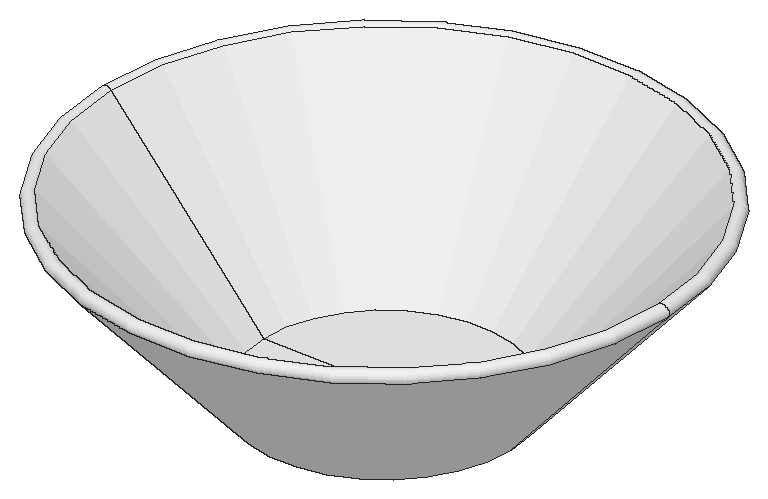
Revit family "IOS SBC-001", category Plumbing Fixtures, Revit 2017
Family settings
  Round Connector Dimension = Use Diameter
  Part Type = Normal
  OmniClass Number = 23.45.00.00
  OmniClass Title = Sanitary, Laundry, and Cleaning Equipment
  Work Plane-Based = No
  Always vertical = Yes
  Cut with Voids When Loaded = No
  Shared = No
  Room Calculation Point = No
Parameters
  Waste Size = 32 mm
  URL = "www.seima.com.au"
  Model = "ADRIA"
  Manufacturer = "SEIMA"
  Basin Material = Porcelin
Reference planes
  plane 1 "Center (Front/Back)": y = 0
  plane 2: z = 0
  plane 3 "Center (Left/Right)": x = 0
  plane 4: z = 850
  plane 5: z = 696
  plane 6: z = 698
  plane 7: z = 140
Forms (mm)
  Revolve 1, solid, material "Porcelin" <- "Basin Material"
    sketch origin (0, 0, 0) x (1, 0, 0) y (0, 0, 1)
      loop
        line (-216.319, 132.222) -> (-96.967, 0) -> (-16, 0) -> (-16, 9.763) -> (-92.308, 9.763) -> (-208.51, 138.496)
        arc (-208.51, 138.496) -> (-215.376, 139.045) -> (-216.319, 132.222) r 5.017
      axis (0, 0) -> (0, 138.496)
    angle from 0 to 360
  Revolve 2, solid
    sketch origin (0, 0, 0) x (1, 0, 0) y (0, 0, 1)
      loop
        line (0, 0) -> (0, 5.744) -> (-16, 5.744) -> (-16, 0) -> (0, 0)
      axis (0, 0) -> (0, 5.744)
    angle from 0 to 360
Dimensions and locks
  plane 4 to level = 850 mm
  plane 4 to plane 6 to level = 152 mm, 698 mm
  plane 6 to plane 5 = 2 mm
  plane 7 to level = 140 mm
  aligned and locked: level to plane 2
Connectors
  piping at (0, 0, 0), diameter 32, driven by "Waste Size"
    settings: on Revolve 1, index 1, connector inside diameter 609.6 mm, connector length 0 mm, flow factor 0, pipe flow 0.0 L/s, pressure drop 0.0 Pa, fitting loss kfactor 0, connector angle 0.00°, fixture units 0, engagement length 0 mm, angle of deflection 0.00°, flow configuration 2, flow direction 2, fitting loss method 0, system type 16, joint type 0, gender type 0, connector reference index -1, connector utility 0, adjustable connector no, is connector primary yes, connector description ""
